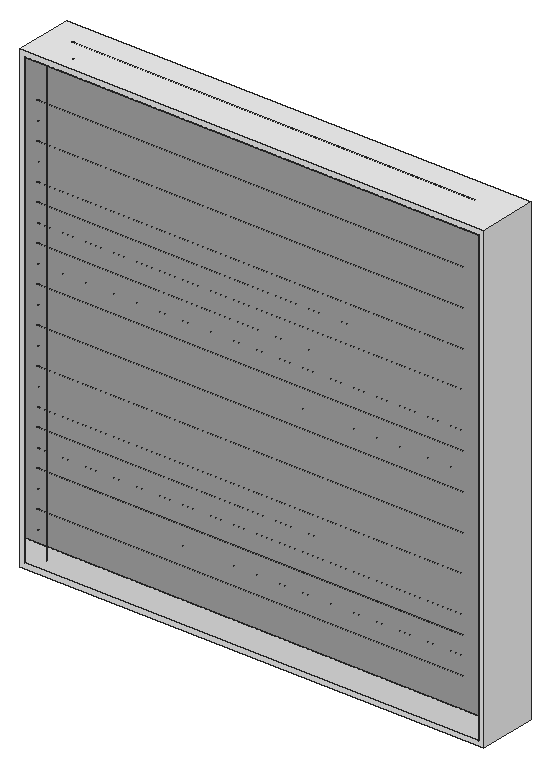
Revit family
Parameters (values of type "Louver_Wind-Drvn-Rn_ECD-635_All-Lite")
  URL = "http://www.alllite-louvers.com"
  Specifications = "http://www.alllite-louvers.com/catalog/AECD-635-csi-specification.doc"
  Spacing = 0.167 ft
  SmartBIM Object Version = 3  # constant formula
  SmartBIM Object Created By = "Reed Construction Data"  # constant formula
  Shim Thickness = 0.042 ft
  Screen Width = Width - (2 * Shim Thickness)  # 3.916 ft
  Screen Height = Height - (0.197917 ft + 0.083333 ft)  # 3.71875 ft
  Screen = Aluminum
  Rough Width = 0.0 ft
  Rough Height = 0.0 ft
  Product URL = "http://www.alllite-louvers.com/catalog.php?model=ECD-635"
  Pressure Loss (in.wg.) = "0.29"  # constant formula
  OmniClass Title = "Exterior Louvers and Grilles"  # constant formula
  OmniClass Code = "23-60 11 17"  # constant formula
  Model Number = "ECD-635"  # constant formula
  Model = ""
  Minimum Size = "4.5\" x 7\""
  Maximum Size - Single Section = "60\" x 120\" or 120\" x 60\""
  Maximum Size - Multiple Section = "Unlimited"
  Manufacturer = "All-Lite"  # constant formula
  Louver Width = Width - (2 * Shim Thickness + 0.166667 ft) - 2 * 0.001953 ft  # 3.745427 ft
  Louver = Mill finish, 6063-T5 Extruded Aluminum
  Installation = "http://www.alllite-louvers.com/catalog/Installation.pdf"
  Height = 4.0 ft
  Free Area for 48”x48” Louver = "53.8%"
  Free Area Velocity (fpm) = "1,217"  # constant formula
  Free Area (ft²) for 48"x48" Louver = 8.6 ft
  Frame = Mill finish, 6063-T5 Extruded Aluminum
  Default Sill Height = 3.0 ft
  Wall Closure = (empty or 0)
  Width = 4.0 ft
  Cut Sheet = "http://www.alllite-louvers.com/catalog/AECD635.pdf"
  Assembly Code = "B2010300"
  Air Volume Delivered (cfm) = "10,508"  # constant formula
  95 CSI = "10200 "  # constant formula
  04 CSI = "08 91 00"  # constant formula
  # of Louvers = (Height - 0.25 ft) / (Spacing)  # 22
Reference planes (ft)
  plane 1 "Center (Front/Back)": y = 0
  plane 2: z = 0.291667
  plane 3 "Center (Left/Right)": x = 0
  plane 4 "Left": x = -2
  plane 5 "Right": x = 2
  plane 6 "Sill": z = 3.291667
  plane 7 "Top": z = 7.291667
  plane 8: x = -1.958
  plane 9: x = 1.958
  plane 10: z = 7.249667
  plane 11: z = 3.333667
  plane 12: z = 5.291667
  plane 13: z = 3.417
  plane 14: z = 3.458667
  plane 15: z = 7.166333
  plane 16: z = 7.124667
Forms (ft)
  Sweep 1, solid, material "Mill finish, 6063-T5 Extruded Aluminum" <- "Frame"
    path origin (-5, 0.333333, 0) x (-1, 0, 0) y (0, 0, 1)
      loop
        line (-6.872714, 7.249667) -> (-3.127286, 7.249667)
    profile "Horizontal Mullion Head : Horizontal Mullion Head" origin (0, 0.333333, 7.249667) x (0, 0, 1) y (0, 1, 0)
      loop
        line (-0.060191, -0.476735) -> (-0.060191, -0.487269) -> (0, -0.487269) -> (0, 0) -> (-0.081702, 0) -> (-0.138865, -0.057163) -> (-0.132191, -0.063838) -> (-0.077056, -0.008703) -> (-0.008703, -0.008703) -> (-0.008703, -0.06565) -> (-0.025624, -0.06565) -> (-0.025624, -0.073954) -> (-0.273375, -0.073954) -> (-0.273375, -0.009233) -> (-0.200904, -0.009233) -> (-0.200904, 0) -> (-0.282606, 0) -> (-0.282606, -0.080737) -> (-0.172535, -0.080737) -> (-0.172535, -0.097545)
        arc (-0.172535, -0.097545) -> (-0.182538, -0.109544) -> (-0.173667, -0.122404) r 0.012917
        line (-0.173667, -0.122404) -> (-0.172535, -0.116801)
        arc (-0.172535, -0.116801) -> (-0.169891, -0.105234) -> (-0.167248, -0.116801) r 0.006085
        line (-0.167248, -0.116801) -> (-0.1656, -0.122404)
        arc (-0.1656, -0.122404) -> (-0.156716, -0.110132) -> (-0.1656, -0.097861) r 0.012917
        line (-0.1656, -0.097861) -> (-0.1656, -0.080737) -> (-0.067963, -0.080737) -> (-0.067963, -0.088273) -> (-0.042125, -0.088273) -> (-0.042125, -0.09792)
        arc (-0.042125, -0.09792) -> (-0.052128, -0.109919) -> (-0.043258, -0.122778) r 0.012917
        line (-0.043258, -0.122778) -> (-0.042125, -0.117176)
        arc (-0.042125, -0.117176) -> (-0.039482, -0.105609) -> (-0.036838, -0.117176) r 0.006085
        line (-0.036838, -0.117176) -> (-0.035191, -0.122778)
        arc (-0.035191, -0.122778) -> (-0.026307, -0.110507) -> (-0.035191, -0.098235) r 0.012917
        line (-0.035191, -0.098235) -> (-0.035191, -0.088273) -> (-0.008703, -0.088273) -> (-0.008703, -0.476735) -> (-0.060191, -0.476735)
  Sweep 2, solid, material "Mill finish, 6063-T5 Extruded Aluminum" <- "Frame"
    path origin (-5, 0.333333, 0) x (-1, 0, 0) y (0, 0, 1)
      loop
        line (-6.958, 3.333667) -> (-3.042, 3.333667)
    profile "Horizontal Mullion : Horizontal Mullion" origin (0, 0.333333, 3.333667) x (0, 0, 1) y (0, 1, 0)
      loop
        line (0, 0) -> (0, -0.041545) -> (0.00675, -0.041545) -> (0.00675, -0.006628) -> (0.076583, -0.006628) -> (0.076583, -0.499878) -> (0.00675, -0.499878) -> (0.00675, -0.464961) -> (0, -0.464961) -> (0, -0.506628) -> (0.197917, -0.506628) -> (0.197917, -0.499878) -> (0.083333, -0.499878) -> (0.083333, 0) -> (0, 0)
  Sweep 3, solid, material "Mill finish, 6063-T5 Extruded Aluminum" <- "Frame"
    path origin (-5, 0.333333, 0) x (-1, 0, 0) y (0, 0, 1)
      loop
        line (-6.958, 3.417) -> (-6.958, 7.249667)
    profile "Vertical Mullion : Vertical Mullion" origin (1.958, 0.333333, 5.333333) x (1, 0, 0) y (0, 1, 0)
      loop
        line (0, 0) -> (-0.085286, 0) -> (-0.085286, -0.487269) -> (-0.186849, -0.487269) -> (-0.186849, -0.499878) -> (0, -0.499878) -> (0, -0.458211) -> (-0.013911, -0.458211) -> (-0.013911, -0.487269) -> (-0.071375, -0.487269) -> (-0.071375, -0.013138) -> (-0.014562, -0.013138) -> (-0.014562, -0.042196) -> (0, -0.042196) -> (0, 0)
  Sweep 4, solid, material "Mill finish, 6063-T5 Extruded Aluminum" <- "Frame"
    path origin (5, 0.333333, 0) x (1, 0, 0) y (0, 0, -1)
      loop
        line (-6.958, -3.417) -> (-6.958, -7.249667)
    profile "Vertical Mullion : Vertical Mullion" origin (-1.958, 0.333333, 5.333333) x (1, 0, 0) y (0, 1, 0)
      loop
        line (0, 0) -> (0, -0.042196) -> (0.014562, -0.042196) -> (0.014562, -0.013138) -> (0.071375, -0.013138) -> (0.071375, -0.487269) -> (0.013911, -0.487269) -> (0.013911, -0.458211) -> (0, -0.458211) -> (0, -0.499878) -> (0.186849, -0.499878) -> (0.186849, -0.487269) -> (0.085286, -0.487269) -> (0.085286, 0) -> (0, 0)
  Sweep 5, solid, material "Mill finish, 6063-T5 Extruded Aluminum" <- "Frame"
    path origin (-5, 0.333333, 0) x (-1, 0, 0) y (0, 0, 1)
      loop
        line (-3, 7.291667) -> (-7, 7.291667) -> (-7, 3.291667) -> (-3, 3.291667) -> (-3, 7.291667)
    profile origin (-2, 0.333333, 5.291667) x (0, 1, 0) y (-1, 0, 0)
      loop
        line (0, 0) -> (-0.506628, 0) -> (-0.506628, -0.042) -> (0, -0.042) -> (0, 0)
  Extrusion 6, solid, material "Aluminum" <- "Screen"
    sketch origin (-5, 0.333333, 0) x (-1, 0, 0) y (0, 0, 1)
      loop
        line (-3.042, 7.249667) -> (-6.958, 7.249667) -> (-6.958, 3.531583) -> (-3.042, 3.531583) -> (-3.042, 7.249667)
    from -0.506628 to -0.499878
Cuts and joins
  joined: Sweep 2, Sweep 3
Lines and regions (ft)
  Opening 1
    outline origin (-5, -0.333333, 0) x (1, 0, 0) y (0, 0, 1)
      loop
        line (3, 7.291667) -> (3, 3.291667) -> (7, 3.291667) -> (7, 7.291667) -> (3, 7.291667)
  Masking region 1, detail levels coarse+medium
    outline origin (0, 0, 0) x (1, 0, 0) y (0, 1, 0)
      loop
        line (-2, -0.173295) -> (-1.872714, -0.173295) -> (-1.872714, 0.333333) -> (-2, 0.333333) -> (-2, -0.173295)
      loop
        line (1.872714, 0.333333) -> (1.872714, -0.173295) -> (2, -0.173295) -> (2, 0.333333) -> (1.872714, 0.333333)
  Masking region 2, detail levels fine
    outline origin (0, 0, 0) x (1, 0, 0) y (0, 1, 0)
      loop
        line (-1.886625, 0.320195) -> (-1.886625, -0.153935) -> (-1.944089, -0.153935) -> (-1.944089, -0.124878) -> (-1.958, -0.124878) -> (-1.958, -0.166545) -> (-1.771151, -0.166545) -> (-1.771151, -0.153935) -> (-1.872714, -0.153935) -> (-1.872714, 0.333333) -> (-1.958, 0.333333) -> (-1.958, 0.291138) -> (-1.943438, 0.291138) -> (-1.943438, 0.320195) -> (-1.886625, 0.320195)
      loop
        line (1.872714, 0.333333) -> (1.872714, -0.153935) -> (1.771151, -0.153935) -> (1.771151, -0.166545) -> (1.958, -0.166545) -> (1.958, -0.124878) -> (1.944089, -0.124878) -> (1.944089, -0.153935) -> (1.886625, -0.153935) -> (1.886625, 0.320195) -> (1.943437, 0.320195) -> (1.943437, 0.291138) -> (1.958, 0.291138) -> (1.958, 0.333333) -> (1.872714, 0.333333)
Text (ft)
  text "EXTERIOR" at (-4.890733, 4.242245, 0), in view "Ref. Level"
  text "INTERIOR" at (-4.890733, -3.147199, 0), in view "Ref. Level"
  text "Exterior" at (0, 3.638026, 10.266337), in view "Left"
  text "Exterior" at (0, 1.524487, 10.420622), in view "Right"
Dimensions and locks (ft)
  equal spacing: plane 4 "Left", plane 3 "Center (Left/Right)", plane 5 "Right"
  "Width": plane 4 "Left" to plane 5 "Right"
  "Height": plane 6 "Sill" to plane 7 "Top"
  "Default Sill Height": plane 2 to plane 6 "Sill"
  "Shim Thickness": plane 4 "Left" to plane 8
  "Shim Thickness": plane 9 to plane 5 "Right"
  "Shim Thickness": plane 10 to plane 7 "Top"
  "Shim Thickness": plane 6 "Sill" to plane 11
  equal spacing: plane 11, plane 12, plane 10
  locked: plane 13 to plane 11 at 0.083333
  locked: plane 14 to plane 13 at 0.041667
  locked: plane 10 to plane 15 at 0.083333
  locked: plane 15 to plane 16 at 0.041667
  Extrusion 6 to plane 6 "Sill" = 0.239917 ft
  equal spacing: group 1, group 3, group 4, group 5, group 6, group 7, group 8, group 9, group 10, group 11, group 12, group 13, group 14, group 15, group 16, group 17, group 18, group 19, group 20, group 21, group 22, group 2  (x3)
  aligned and locked: plane 7 "Top" to Opening 1 sketch curve
  aligned and locked: plane 6 "Sill" to Opening 1 sketch curve  (x2)
  aligned and locked: plane 5 "Right" to Opening 1 sketch curve
  aligned and locked: plane 4 "Left" to Opening 1 sketch curve
  aligned and locked: plane 10 to Sweep 1 sketch curve
  aligned and locked: Sweep 2 sketch curve to plane 11
  aligned and locked: plane 9 to Sweep 2 sketch curve
  aligned and locked: plane 8 to Sweep 2 sketch curve
  aligned and locked: plane 9 to Sweep 3 sketch curve
  aligned and locked: Sweep 4 sketch curve to plane 8
  aligned and locked: cut or joined group of Sweep 2, Sweep 3 to Sweep 3 sketch curve
  aligned and locked: Sweep 4 sketch curve to cut or joined group of Sweep 2, Sweep 3
  aligned and locked: Sweep 5 sketch curve to plane 4 "Left"
  aligned and locked: Sweep 5 sketch curve to plane 7 "Top"
  aligned and locked: Sweep 5 sketch curve to plane 6 "Sill"
  aligned and locked: Sweep 5 sketch curve to plane 5 "Right"
  aligned and locked: Sweep 5 sketch curve to host wall  (x2)
  aligned and locked: plane 8 to Sweep 5 sketch curve
  aligned and locked: cut or joined group of Sweep 2, Sweep 3 to Sweep 5 sketch curve
  aligned and locked: Extrusion 6 to cut or joined group of Sweep 2, Sweep 3
  aligned and locked: Sweep 5 to Extrusion 6 sketch curve  (x2)
  aligned and locked: plane 3 "Center (Left/Right)" to nested 1
  aligned and locked: plane 14 to nested 1
  aligned and locked: plane 10 to Sweep 4 sketch curve
  aligned and locked: plane 10 to Sweep 3 sketch curve
  aligned and locked: cut or joined group of Sweep 2, Sweep 3 to Sweep 1 sketch curve
  aligned and locked: Sweep 1 sketch curve to Sweep 4
  aligned and locked: nested 2 to plane 15
  aligned and locked: plane 3 "Center (Left/Right)" to nested 2
  aligned and locked: plane 10 to Extrusion 6
  aligned and locked: Extrusion 6 sketch curve to cut or joined group of Sweep 2, Sweep 3
  aligned and locked: Extrusion 6 sketch curve to Sweep 5
  aligned and locked: Sweep 4 to nested 1
  aligned and locked: Sweep 4 to nested 2
  aligned and locked: Masking region 1 sketch curve to plane 4 "Left"
  aligned and locked: Masking region 1 sketch curve to Sweep 4  (x2)
  aligned and locked: Masking region 1 sketch curve to cut or joined group of Sweep 2, Sweep 3
  aligned and locked: Masking region 1 sketch curve to Sweep 5
  aligned and locked: Masking region 1 sketch curve to plane 5 "Right"
  aligned and locked: Sweep 5 to Masking region 1 sketch curve
  aligned and locked: Masking region 2 sketch curve to Sweep 4  (x14)
  aligned and locked: Masking region 2 sketch curve to cut or joined group of Sweep 2, Sweep 3  (x10)
  aligned and locked: plane 9 to Masking region 2 sketch curve  (x2)
  aligned and locked: Sweep 5 to Masking region 2 sketch curve
  aligned and locked: Masking region 2 sketch curve to Extrusion 6
  aligned and locked: Masking region 1 sketch curve to Extrusion 6
Nested families (ft)
  nested 1: "Louver Single" at (0, 0.166515, 3.458667), type "Louver"
  nested 2: "Louver Single" at (0, 0.166515, 6.778312), type "Louver"
  nested 3: "Louver Single" at (0, 0.166515, 3.616745), type "Louver"
  nested 4: "Louver Single" at (0, 0.166515, 3.774823), type "Louver"
  nested 5: "Louver Single" at (0, 0.166515, 3.932902), type "Louver"
  nested 6: "Louver Single" at (0, 0.166515, 4.09098), type "Louver"
  nested 7: "Louver Single" at (0, 0.166515, 4.249059), type "Louver"
  nested 8: "Louver Single" at (0, 0.166515, 4.407137), type "Louver"
  nested 9: "Louver Single" at (0, 0.166515, 4.565215), type "Louver"
  nested 10: "Louver Single" at (0, 0.166515, 4.723294), type "Louver"
  nested 11: "Louver Single" at (0, 0.166515, 4.881372), type "Louver"
  nested 12: "Louver Single" at (0, 0.166515, 5.03945), type "Louver"
  nested 13: "Louver Single" at (0, 0.166515, 5.197529), type "Louver"
  nested 14: "Louver Single" at (0, 0.166515, 5.355607), type "Louver"
  nested 15: "Louver Single" at (0, 0.166515, 5.513686), type "Louver"
  nested 16: "Louver Single" at (0, 0.166515, 5.671764), type "Louver"
  nested 17: "Louver Single" at (0, 0.166515, 5.829842), type "Louver"
  nested 18: "Louver Single" at (0, 0.166515, 5.987921), type "Louver"
  nested 19: "Louver Single" at (0, 0.166515, 6.145999), type "Louver"
  nested 20: "Louver Single" at (0, 0.166515, 6.304077), type "Louver"
  nested 21: "Louver Single" at (0, 0.166515, 6.462156), type "Louver"
  nested 22: "Louver Single" at (0, 0.166515, 6.620234), type "Louver"
Connectors (ft)
  hvac at (0, -0.173295, 5.390625), driven by "Screen Width", driven by "Screen Height"
    settings: on Extrusion 6, index 1
Definition of nested family "Louver Single"
  Parameters (values of type "Louver")
    sdad = 0.5 ft
    sas = 0.388021 ft
    Louver Length = 3.746094 ft
    Louver Single = yes
    Louver = none
    Assembly Code = ""
  Reference planes (ft)
    plane 1 "Center (Front/Back)": y = -0.085938
    plane 2: z = 0
    plane 3 "Center (Left/Right)": x = 0
    plane 4: x = -1.873047
    plane 5: x = 1.873047
    plane 6: z = 0.388021
    plane 7: z = 0.19401
    plane 8: y = 0.164062
    plane 9: y = -0.335938
  Forms (ft)
    Extrusion 1, solid, material <- "Louver"
      sketch origin (0, -2.042528, -2.11184) x (0, 1, 0) y (0, 0, 1)
        loop
          line (1.935264, 2.449042) -> (1.940417, 2.449042)
          arc (1.940417, 2.449042) -> (1.94159, 2.44986) -> (1.941229, 2.451243) r 0.00125
          arc (1.941229, 2.451243) -> (1.910613, 2.465094) -> (1.879732, 2.451846) r 0.041667
          line (1.879732, 2.451846) -> (1.874953, 2.446721)
          arc (1.874953, 2.446721) -> (1.875399, 2.441564) -> (1.880483, 2.442536) r 0.003486
          arc (1.880483, 2.442536) -> (1.893471, 2.440327) -> (1.882484, 2.433056) r 0.007083
          arc (1.882484, 2.433056) -> (1.879296, 2.433156) -> (1.877924, 2.430277) r 0.002917
          arc (1.877924, 2.430277) -> (1.877452, 2.42826) -> (1.875761, 2.427064) r 0.002917
          arc (1.875761, 2.427064) -> (1.852463, 2.417369) -> (1.832815, 2.401534) r 0.089167
          line (1.832815, 2.401534) -> (1.794708, 2.360992)
          arc (1.794708, 2.360992) -> (1.766393, 2.339289) -> (1.732559, 2.327974) r 0.108192
          arc (1.732559, 2.327974) -> (1.725356, 2.32495) -> (1.722378, 2.317728) r 0.010246
          line (1.722378, 2.317728) -> (1.722378, 2.270016)
          arc (1.722378, 2.270016) -> (1.726433, 2.265435) -> (1.732339, 2.267031) r 0.005805
          line (1.732339, 2.267031) -> (1.755748, 2.292128)
          arc (1.755748, 2.292128) -> (1.755604, 2.29625) -> (1.751481, 2.296106) r 0.002917
          line (1.751481, 2.296106) -> (1.733114, 2.276399)
          arc (1.733114, 2.276399) -> (1.730179, 2.275537) -> (1.728036, 2.277719) r 0.002975
          line (1.728036, 2.277719) -> (1.728036, 2.31693)
          arc (1.728036, 2.31693) -> (1.729377, 2.32023) -> (1.732641, 2.321659) r 0.004731
          arc (1.732641, 2.321659) -> (1.768873, 2.333528) -> (1.799164, 2.356681) r 0.113991
          line (1.799164, 2.356681) -> (1.837081, 2.397556)
          arc (1.837081, 2.397556) -> (1.871894, 2.419852) -> (1.913138, 2.422674) r 0.083333
          arc (1.913138, 2.422674) -> (1.972356, 2.402762) -> (2.023619, 2.367051) r 0.220667
          line (2.023619, 2.367051) -> (2.082328, 2.312305)
          arc (2.082328, 2.312305) -> (2.083386, 2.309519) -> (2.081824, 2.306981) r 0.003375
          arc (2.081824, 2.306981) -> (2.077306, 2.30212) -> (2.075798, 2.295657) r 0.012917
          arc (2.075798, 2.295657) -> (2.078802, 2.292831) -> (2.081628, 2.295835) r 0.002917
          arc (2.081628, 2.295835) -> (2.09371, 2.301068) -> (2.088513, 2.288971) r 0.007083
          arc (2.088513, 2.288971) -> (2.085517, 2.286136) -> (2.088352, 2.28314) r 0.002917
          arc (2.088352, 2.28314) -> (2.095188, 2.284877) -> (2.100091, 2.289947) r 0.012917
          arc (2.100091, 2.289947) -> (2.102515, 2.291681) -> (2.105367, 2.29082) r 0.003375
          line (2.105367, 2.29082) -> (2.19223, 2.209819)
          arc (2.19223, 2.209819) -> (2.198534, 2.208736) -> (2.202042, 2.214085) r 0.005833
          line (2.202042, 2.214085) -> (2.202042, 2.267835)
          arc (2.202042, 2.267835) -> (2.199125, 2.270752) -> (2.196208, 2.267835) r 0.002917
          line (2.196208, 2.267835) -> (2.196208, 2.220793)
          arc (2.196208, 2.220793) -> (2.194455, 2.218118) -> (2.191303, 2.21866) r 0.002917
          line (2.191303, 2.21866) -> (2.027598, 2.371317)
          arc (2.027598, 2.371317) -> (1.96898, 2.410883) -> (1.901018, 2.430442) r 0.2265
          arc (1.901018, 2.430442) -> (1.898884, 2.431823) -> (1.898644, 2.434354) r 0.002917
          arc (1.898644, 2.434354) -> (1.898728, 2.44314) -> (1.893173, 2.449947) r 0.012917
          arc (1.893173, 2.449947) -> (1.891755, 2.45252) -> (1.893294, 2.455021) r 0.002917
          arc (1.893294, 2.455021) -> (1.915258, 2.458904) -> (1.935264, 2.449042) r 0.035833
      from -1.873047 to 1.873047
  Dimensions and locks (ft)
    equal spacing: plane 4, plane 3 "Center (Left/Right)", plane 5
    "Louver Length": plane 4 to plane 5
    "sas": level to plane 6
    equal spacing: level, plane 7, plane 6
    "sdad": plane 8 to plane 9
    equal spacing: plane 8, plane 1 "Center (Front/Back)", plane 9
    aligned and locked: Extrusion 1 to plane 4
    aligned and locked: plane 5 to Extrusion 1
  Automatic sketch dimensions
    Extrusion 1 sketch curve to Extrusion 1 sketch curve = 0.0 ft  (x27)
    Extrusion 1 sketch curve to Extrusion 1 sketch curve = 0.000142 ft
    Extrusion 1 sketch curve to Extrusion 1 sketch curve = 0.000798 ft
    plane 9 to Extrusion 1 sketch curve = 0.009042 ft
    Extrusion 1 sketch curve to Extrusion 1 sketch curve = 0.000137 ft
    plane 9 to Extrusion 1 sketch curve = 0.015787 ft
    Extrusion 1 sketch curve to Extrusion 1 sketch curve = 0.005722 ft
    Extrusion 1 sketch curve to Extrusion 1 sketch curve = 0.005658 ft
    Extrusion 1 sketch curve to Extrusion 1 sketch curve = 0.002892 ft
    Extrusion 1 sketch curve to Extrusion 1 sketch curve = 0.00424 ft
    Extrusion 1 sketch curve to Extrusion 1 sketch curve = 0.004524 ft
    Extrusion 1 sketch curve to Extrusion 1 sketch curve = 0.000082 ft
    Extrusion 1 sketch curve to Extrusion 1 sketch curve = 0.004731 ft
    Extrusion 1 sketch curve to Extrusion 1 sketch curve = 0.002187 ft
    Extrusion 1 sketch curve to plane 7 = 0.009744 ft
    Extrusion 1 sketch curve to Extrusion 1 sketch curve = 0.018367 ft
    Extrusion 1 sketch curve to Extrusion 1 sketch curve = 0.002133 ft  (x2)
    Extrusion 1 sketch curve to Extrusion 1 sketch curve = 0.062148 ft
    Extrusion 1 sketch curve to Extrusion 1 sketch curve = 0.004456 ft
    Extrusion 1 sketch curve to Extrusion 1 sketch curve = 0.038107 ft
    Extrusion 1 sketch curve to Extrusion 1 sketch curve = 0.004266 ft  (x2)
    plane 1 "Center (Front/Back)" to Extrusion 1 sketch curve = 0.083466 ft
    Extrusion 1 sketch curve to Extrusion 1 sketch curve = 0.042138 ft
    Extrusion 1 sketch curve to Extrusion 1 sketch curve = 0.00008 ft  (x2)
    Extrusion 1 sketch curve to Extrusion 1 sketch curve = 0.000728 ft
    Extrusion 1 sketch curve to Extrusion 1 sketch curve = 0.00255 ft
    Extrusion 1 sketch curve to Extrusion 1 sketch curve = 0.002891 ft  (x2)
    Extrusion 1 sketch curve to Extrusion 1 sketch curve = 0.004779 ft
    Extrusion 1 sketch curve to Extrusion 1 sketch curve = 0.002981 ft
    Extrusion 1 sketch curve to Extrusion 1 sketch curve = 0.00167 ft
    Extrusion 1 sketch curve to Extrusion 1 sketch curve = 0.004056 ft
    Extrusion 1 sketch curve to Extrusion 1 sketch curve = 0.006633 ft
    Extrusion 1 sketch curve to Extrusion 1 sketch curve = 0.000121 ft
    Extrusion 1 sketch curve to Extrusion 1 sketch curve = 0.001498 ft
    plane 7 to Extrusion 1 sketch curve = 0.034872 ft
    plane 1 "Center (Front/Back)" to Extrusion 1 sketch curve = 0.058563 ft
    Extrusion 1 sketch curve to Extrusion 1 sketch curve = 0.012104 ft
    Extrusion 1 sketch curve to Extrusion 1 sketch curve = 0.002374 ft
    Extrusion 1 sketch curve to Extrusion 1 sketch curve = 0.002733 ft
    Extrusion 1 sketch curve to Extrusion 1 sketch curve = 0.009186 ft
    Extrusion 1 sketch curve to Extrusion 1 sketch curve = 0.002933 ft
    plane 1 "Center (Front/Back)" to Extrusion 1 sketch curve = 0.021327 ft
    Extrusion 1 sketch curve to Extrusion 1 sketch curve = 0.005153 ft
    Extrusion 1 sketch curve to Extrusion 1 sketch curve = 0.000812 ft
    Extrusion 1 sketch curve to plane 1 "Center (Front/Back)" = 0.067029 ft
    Extrusion 1 sketch curve to Extrusion 1 sketch curve = 0.003978 ft  (x3)
    Extrusion 1 sketch curve to plane 7 = 0.010194 ft
    Extrusion 1 sketch curve to Extrusion 1 sketch curve = 0.052178 ft
    Extrusion 1 sketch curve to Extrusion 1 sketch curve = 0.002915 ft
    plane 7 to Extrusion 1 sketch curve = 0.003986 ft
    Extrusion 1 sketch curve to Extrusion 1 sketch curve = 0.001603 ft
    plane 7 to Extrusion 1 sketch curve = 0.00113 ft
    Extrusion 1 sketch curve to Extrusion 1 sketch curve = 0.001799 ft
    plane 7 to Extrusion 1 sketch curve = 0.006454 ft
    Extrusion 1 sketch curve to Extrusion 1 sketch curve = 0.000356 ft
    Extrusion 1 sketch curve to Extrusion 1 sketch curve = 0.011578 ft
    Extrusion 1 sketch curve to Extrusion 1 sketch curve = 0.002974 ft
    Extrusion 1 sketch curve to plane 7 = 0.015031 ft
    plane 8 to Extrusion 1 sketch curve = 0.015288 ft
    Extrusion 1 sketch curve to Extrusion 1 sketch curve = 0.000928 ft
    Extrusion 1 sketch curve to Extrusion 1 sketch curve = 0.001989 ft
    plane 8 to Extrusion 1 sketch curve = 0.010382 ft
    Extrusion 1 sketch curve to Extrusion 1 sketch curve = 0.002917 ft
    Extrusion 1 sketch curve to plane 7 = 0.028131 ft
    Extrusion 1 sketch curve to Extrusion 1 sketch curve = 0.000697 ft
    Extrusion 1 sketch curve to Extrusion 1 sketch curve = 0.007704 ft
    Extrusion 1 sketch curve to plane 7 = 0.038015 ft
    Extrusion 1 sketch curve to Extrusion 1 sketch curve = 0.047042 ft
    Extrusion 1 sketch curve to Extrusion 1 sketch curve = 0.006708 ft
    level to Extrusion 1 sketch curve = 0.093826 ft
    plane 7 to Extrusion 1 sketch curve = 0.011079 ft
    Extrusion 1 sketch curve to Extrusion 1 sketch curve = 0.040875 ft
    Extrusion 1 sketch curve to Extrusion 1 sketch curve = 0.004311 ft
    Extrusion 1 sketch curve to Extrusion 1 sketch curve = 0.00125 ft
    Extrusion 1 sketch curve to Extrusion 1 sketch curve = 0.009369 ft
